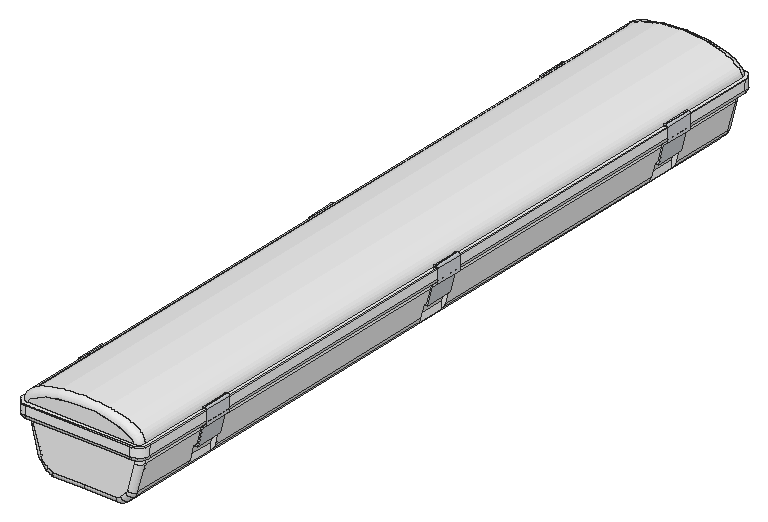
Revit family "0048817 Feilo Sylvania Lighting Fixture HYDROPROOF LED G3 600MM S 4K QC D", category Lighting Fixtures, host Face, Revit 2016
Family settings
  Host = Face
  Part Type = Normal
  Round Connector Dimension = Use Diameter
  OmniClass Number = 23.80.70.11.14
  OmniClass Title = General Luminaries, Directional
  Cut with Voids When Loaded = No
  Light Source = Yes
  Shared = No
  Room Calculation Point = No
Parameters (values of type "0048817 HYDROPROOF LED G3 600MM S 4K QC D")
  Width = 110 mm
  Weight = "1.12 kg"
  Wattage Comments = "n/a"
  Wattage = 14 W
  WarrantyStartDate [instance] = "n/a"
  WarrantyGuarantorParts = "n/a"
  WarrantyDurationUnit = "n/a"
  WarrantyDurationParts = "n/a"
  WarrantyDescription = "n/a"
  built-in parameter 1150110 = 1 (stored number, unit not read)
  Voltage = 230 V
  URL = "http://www.sylvania-lighting.com"
  TypeName = "HYDROPROOF LED G3 600MM S 4K QC D"
  Type Image = <None>
  Type Comments = "n/a"
  built-in parameter 1114217 = 1 (stored number, unit not read)
  Tilt Angle = -90.00°
  built-in parameter 1150109 = 1 (stored number, unit not read)
  built-in parameter 1150134 = 12
  built-in parameter 1150113 = 1 (stored number, unit not read)
  SerialNumber [instance] = "n/a"
  ReflectorMaterial = none
  PowerFactor = 0
  PowerConsumption = "14 W"
  Photometric Web File = "0048817.ies"
  NominalWidth = 0 mm
  NominalLength = 665 mm
  NominalHeight = 78 mm
  Name = "HYDROPROOF LED G3 600MM S 4K QC D"
  ModelReference = "HYDROPROOF LED G3 600MM S 4K QC D"
  ModelNumber = "0048817"
  Model = "HYDROPROOF LED G3 600MM S 4K QC D"
  Material = "grp housing, pmma diffuser"
  ManufacturerName = "Feilo Sylvania"
  Manufacturer = "Feilo Sylvania"
  LuminousEfficacy = "135 lm/W"
  built-in parameter 1150105 = 150.4 (stored number, unit not read)
  Lumens = 1890 lm
  LuminaireType = ""
  built-in parameter 1150115 = 1 (stored number, unit not read)
  LightOutputRatio = "n/a"
  built-in parameter 1150137 = (empty or 0)
  built-in parameter 1150139 = (empty or 0)
  Length = 665 mm
  LampsType = Lamp  # "LED"
  LampNominalLuminous = "1900 lm"
  LampMacAdamStep = "3"
  LampColourTemperature = "4000 K"
  LampColourRenderingIndex = "80"
  built-in parameter 1150112 = 1 (stored number, unit not read)
  built-in parameter 1150114 = 1 (stored number, unit not read)
  Lamp = "LED"
  Keynote = "16500"
  InstallationDate [instance] = "n/a"
  InputVoltage = "220-240V~"
  InputNominalFrequency = "DC/50/60 Hz"
  built-in parameter 1150132 = (empty or 0)
  built-in parameter 1150102 = (empty or 0)
  built-in parameter 1150107 = 4000 (stored number, unit not read)
  built-in parameter 1150138 = (empty or 0)
  IngressProtection = "IP65"
  ImpactProtectionIndex = "IK02"
  built-in parameter 1150106 = 1.504 (stored number, unit not read)
  IfcExportType = "IfcLightFixtureType"
  IfcExportAs = "IfcLightFixtureType"
  ExpectedLife = 50000
  Emit from Rectangle Width = Width - 20 mm  # 90 mm
  Emit from Rectangle Length = Length - 20 mm  # 645 mm
  Emit Shape Visible in Rendering = no
  ElectricShockClassification = "Class I"
  built-in parameter 1150104 = 12.542 (stored number, unit not read)
  DurationUnit = "hours"
  DocumentationLiterature = "http://www.sylvania-lighting.com/product/en-int/products/0048817"
  DimmingControlOptions = "Dimmable"
  Dimming Lamp Color Temperature Shift = <None>
  DiffuserMaterial = Diffuser-Sylvania-Transparent
  Description = "Hydroproof, integrated LED chemical resistant weatherproof luminaire with quick connector, with UV stabilized flat diffuser and linear prisms designed to achieve uniform lit appearance, optimise light output and to reduce glare, stainless steel diffuser clips and fixing brackets for surface and wall mounting. L 665 mm x W 110 mm x H 78 mm size, GRP housing, PMMA diffuser, DALI dimmable, 4000K, CRI80,  1900 lm, 14 W, 135 lm/W, nominal average life (h):50000, energy class: A++ A+ A Class I,IK02, IP65."
  Default Elevation = 1219.2 mm
  CreatedOn = "3/27/2018"
  CreatedBy = "aron.fodor@feilosylvania.com"
  Cost = 0
  Color Filter = 16777215
  built-in parameter 1114216 [instance] = (empty or 0)
  ClassificationValue = "EF_70_80"
  ClassificationName = "Uniclass2015"
  BracketOffset_FEILO = 360 mm
  BodyMaterial = Body-Sylvania-Gray
  BarCode [instance] = "n/a"
  built-in parameter 1114218 = 1 (stored number, unit not read)
  built-in parameter 1150133 = 10 (stored number, unit not read)
  AssetType = "Fixed"
  AssetIdentifier [instance] = "n/a"
  Assembly Code = "D5020200"
  Apparent Load = 14 VA
  AccessoryMaterial = Diffuser-Sylvania-Glow
Reference planes
  plane 1 "Center (Front/Back)": y = 0
  plane 2: z = 0
  plane 3 "Center (Left/Right)": x = 0
  plane 4: z = 54
  plane 5: x = -27.7
  plane 6: x = -34.8
  plane 7: x = -39.6
  plane 8: x = -42.2
  plane 9: z = 3
  plane 10: z = 7.8
  plane 11: z = 12.3
  plane 12: z = 36.6
  plane 13: z = 42.8
  plane 14: x = -51.1
  plane 15: z = 46.2
  plane 16: x = -55
  plane 17: y = 332.5
  plane 18: y = -332.5
  plane 19: x = 27.7
  plane 20: x = 34.8
  plane 21: x = 39.6
  plane 22: x = 42.2
  plane 23: x = 51.1
  plane 24: x = 55
  plane 25: y = 324.9
  plane 26: y = -324.9
  plane 27: y = -321.2
  plane 28: y = 321.2
  plane 29: z = 74
  plane 30: x = -51.5
  plane 31: x = 51.5
  plane 32: z = 55.2
  plane 33: y = -329
  plane 34: y = 329
  plane 35: x = -37.5
  plane 36: x = 37.5
  plane 37: x = -48.7
  plane 38: x = 48.7
  plane 39: z = 50.2
  plane 40: z = 24.6
  plane 41: y = 720
  plane 42: y = 706
  plane 43: y = 734
  plane 44: y = 250
  plane 45: y = 236
  plane 46: y = 264
  plane 47: y = 0
  plane 48: y = -14
  plane 49: y = 14
  plane 50: y = -250
  plane 51: y = -264
  plane 52: y = -236
Forms (mm)
  Sweep 1, solid, material "Body-Sylvania-Gray" <- "BodyMaterial", detail levels medium+fine
    path origin (1223.4, -4572, 54) x (0, -1, 0) y (1, 0, 0)
      loop
        arc (-4249.5, -1278.4) -> (-4242.429, -1275.471) -> (-4239.5, -1268.4) r 10
        line (-4239.5, -1268.4) -> (-4239.5, -1178.4)
        arc (-4239.5, -1178.4) -> (-4242.429, -1171.329) -> (-4249.5, -1168.4) r 10
        line (-4249.5, -1168.4) -> (-4894.5, -1168.4)
        arc (-4894.5, -1168.4) -> (-4901.571, -1171.329) -> (-4904.5, -1178.4) r 10
        line (-4904.5, -1178.4) -> (-4904.5, -1268.4)
        arc (-4904.5, -1268.4) -> (-4901.571, -1275.471) -> (-4894.5, -1278.4) r 10
        line (-4894.5, -1278.4) -> (-4249.5, -1278.4)
    profile origin (-55, 0, 54) x (-1, 0, 0) y (0, 0, 1)
      loop
        line (0, 0) -> (-1, 0) -> (-1, -7.726)
        arc (-1, -7.726) -> (-1.994, -9.498) -> (-3.9, -10.2) r 2.937
        line (-3.9, -10.2) -> (-8.571, -10.2) -> (-8.571, -11.2) -> (-3.9, -11.2)
        arc (-3.9, -11.2) -> (-1.313, -10.231) -> (0, -7.8) r 3.937
        line (0, -7.8) -> (0, 0)
  Sweep 2, solid, material "Body-Sylvania-Gray" <- "BodyMaterial", detail levels medium+fine
    path origin (0, 0, 0) x (1, 0, 0) y (0, 0, 1)
      loop
        line (48.7, 42.8) -> (48.7, 36.6) -> (42.203, 12.31)
        arc (42.203, 12.31) -> (41.199, 9.884) -> (39.6, 7.8) r 10.052
        line (39.6, 7.8) -> (34.8, 3)
        arc (34.8, 3) -> (31.554, 0.781) -> (27.7, 0) r 9.902
        line (27.7, 0) -> (0, 0) -> (-27.7, 0)
        arc (-27.7, 0) -> (-31.554, 0.781) -> (-34.8, 3) r 9.902
        line (-34.8, 3) -> (-39.6, 7.8)
        arc (-39.6, 7.8) -> (-41.199, 9.884) -> (-42.203, 12.31) r 10.052
        line (-42.203, 12.31) -> (-48.7, 36.6) -> (-48.7, 42.8)
    profile origin (0, 0, 0) x (0, 0, -1) y (0, -1, 0)
      loop
        arc (0, 319.9) -> (-1.464, 323.436) -> (-5, 324.9) r 5
        line (-5, 324.9) -> (-7.8, 324.9) -> (-7.8, -324.9) -> (-5, -324.9)
        arc (-5, -324.9) -> (-1.464, -323.436) -> (0, -319.9) r 5
        line (0, -319.9) -> (0, 319.9)
  Extrusion 3, solid, material "Body-Sylvania-Gray" <- "BodyMaterial", detail levels medium+fine
    sketch origin (1524, 324.9, 1219.2) x (1, 0, 0) y (0, 0, 1)
      loop
        arc (-1558.668, -1204.874) -> (-1558.443, -1205.418) -> (-1558.085, -1205.885) r 2.252
        line (-1558.085, -1205.885) -> (-1553.231, -1210.738)
        arc (-1553.231, -1210.738) -> (-1552.534, -1211.227) -> (-1551.7, -1211.4) r 2.102
        line (-1551.7, -1211.4) -> (-1496.3, -1211.4)
        arc (-1496.3, -1211.4) -> (-1495.466, -1211.227) -> (-1494.769, -1210.738) r 2.102
        line (-1494.769, -1210.738) -> (-1489.915, -1205.885)
        arc (-1489.915, -1205.885) -> (-1489.557, -1205.418) -> (-1489.332, -1204.874) r 2.252
        line (-1489.332, -1204.874) -> (-1483.1, -1181.575) -> (-1483.1, -1176.4) -> (-1564.9, -1176.4) -> (-1564.9, -1181.575) -> (-1558.668, -1204.874)
    from 0 to 649.8
  Sweep 4, solid, material "Diffuser-Sylvania-Transparent" <- "DiffuserMaterial", detail levels medium+fine
    path origin (0, 0, 0) x (1, 0, 0) y (0, 0, 1)
      loop
        spline (-51.5, 55.2) -> (-49.745, 60.066) -> (-44.6, 64.6) -> (-36.416, 68.494) -> (-25.75, 71.481) -> (-13.329, 73.359) -> (0, 74) -> (13.329, 73.359) -> (25.75, 71.481) -> (36.416, 68.494) -> (44.6, 64.6) -> (49.745, 60.066) -> (51.5, 55.2)
    profile origin (51.5, 0, 55.2) x (0, -1, 0) y (1, 0, 0)
      loop
        arc (329, -5.5) -> (327.389, -1.611) -> (323.5, 0) r 5.5
        line (323.5, 0) -> (-323.5, 0)
        arc (-323.5, 0) -> (-327.389, -1.611) -> (-329, -5.5) r 5.5
        line (-329, -5.5) -> (-329, -6.3) -> (-328, -6.3) -> (-328, -5.5)
        arc (-328, -5.5) -> (-326.682, -2.318) -> (-323.5, -1) r 4.5
        line (-323.5, -1) -> (323.5, -1)
        arc (323.5, -1) -> (326.682, -2.318) -> (328, -5.5) r 4.5
        line (328, -5.5) -> (328, -6.347) -> (329, -6.347) -> (329, -5.5)
  Extrusion 5, solid, material "Diffuser-Sylvania-Transparent" <- "DiffuserMaterial", detail levels medium+fine
    sketch origin (1524, -329, 1219.2) x (1, 0, 0) y (0, 0, 1)
      loop
        line (-1569.653, -1164) -> (-1478.347, -1164)
        spline (-1478.347, -1164) -> (-1478.969, -1162.594) -> (-1482.527, -1159.545) -> (-1489.588, -1156.201) -> (-1499.458, -1153.445) -> (-1511.242, -1151.663) -> (-1524, -1151.049) -> (-1536.758, -1151.663) -> (-1548.542, -1153.445) -> (-1558.412, -1156.201) -> (-1565.473, -1159.545) -> (-1569.031, -1162.594) -> (-1569.653, -1164)
    from 0 to -1
  Extrusion 6, solid, material "Diffuser-Sylvania-Transparent" <- "DiffuserMaterial", detail levels medium+fine
    sketch origin (1524, 329, 1219.2) x (1, 0, 0) y (0, 0, 1)
      loop
        spline (-1478.3, -1164) -> (-1478.931, -1162.565) -> (-1482.502, -1159.505) -> (-1489.572, -1156.155) -> (-1499.446, -1153.394) -> (-1511.236, -1151.614) -> (-1524, -1151.007) -> (-1536.764, -1151.614) -> (-1548.554, -1153.394) -> (-1558.428, -1156.155) -> (-1565.498, -1159.505) -> (-1569.069, -1162.565) -> (-1569.7, -1164)
        line (-1569.7, -1164) -> (-1478.3, -1164)
    from 0 to 1
  Extrusion 7, solid, material "Diffuser-Sylvania-Transparent" <- "DiffuserMaterial", detail levels medium+fine
    sketch origin (1223.4, -4572, 55.2) x (0, -1, 0) y (-1, 0, 0)
      loop
        arc (-4900, 1177.4) -> (-4898.682, 1174.218) -> (-4895.5, 1172.9) r 4.5
        line (-4895.5, 1172.9) -> (-4248.5, 1172.9)
        arc (-4248.5, 1172.9) -> (-4245.318, 1174.218) -> (-4244, 1177.4) r 4.5
        line (-4244, 1177.4) -> (-4244, 1269.4)
        arc (-4244, 1269.4) -> (-4245.318, 1272.582) -> (-4248.5, 1273.9) r 4.5
        line (-4248.5, 1273.9) -> (-4895.5, 1273.9)
        arc (-4895.5, 1273.9) -> (-4898.682, 1272.582) -> (-4900, 1269.4) r 4.5
        line (-4900, 1269.4) -> (-4900, 1177.4)
      loop
        line (-4904.5, 1268.4) -> (-4904.5, 1178.4)
        arc (-4904.5, 1178.4) -> (-4901.571, 1171.329) -> (-4894.5, 1168.4) r 10
        line (-4894.5, 1168.4) -> (-4249.5, 1168.4)
        arc (-4249.5, 1168.4) -> (-4242.429, 1171.329) -> (-4239.5, 1178.4) r 10
        line (-4239.5, 1178.4) -> (-4239.5, 1268.4)
        arc (-4239.5, 1268.4) -> (-4242.429, 1275.471) -> (-4249.5, 1278.4) r 10
        line (-4249.5, 1278.4) -> (-4894.5, 1278.4)
        arc (-4894.5, 1278.4) -> (-4901.571, 1275.471) -> (-4904.5, 1268.4) r 10
    from 0 to 1.2
  Extrusion 8, solid, material "Diffuser-Sylvania-Glow" <- "AccessoryMaterial", detail levels fine
    sketch origin (0, 0, 0) x (1, 0, 0) y (0, 0, 1)
      loop
        circle (0, 50.2) r 8
    from -321.2 to 321.2
  Extrusion 9, solid, material "Body-Sylvania-Gray" <- "BodyMaterial", detail levels coarse
    sketch origin (0, 0, 0) x (1, 0, 0) y (0, 0, 1)
      loop
        line (55, 42.8) -> (55, 55.2) -> (-55, 55.2) -> (-55, 42.791) -> (-42.2, 0) -> (42.2, 0) -> (55, 42.8)
    from -332.5 to 332.5
  Extrusion 10, solid, material "Diffuser-Sylvania-Transparent" <- "DiffuserMaterial", detail levels coarse
    sketch origin (0, 0, 0) x (1, 0, 0) y (0, 0, 1)
      loop
        arc (51.5, 55.2) -> (0, 74) -> (-51.5, 55.2) r 79.939
        line (-51.5, 55.2) -> (51.5, 55.2)
    from 324.9 to -324.9
  Extrusion 11, void, not visible
    sketch origin (0, 720, 2343.807) x (0, 0, -1) y (-1, 0, 0)
      loop
        line (2340.807, -37.5) -> (2331.507, -37.5) -> (2319.207, -42.2) -> (2319.207, -48.7) -> (2340.807, -48.7) -> (2340.807, -37.5)
      loop
        line (2340.807, 37.5) -> (2340.807, 48.7) -> (2319.207, 48.7) -> (2319.207, 42.2) -> (2331.507, 37.5) -> (2340.807, 37.5)
    from -14 to 14
  Extrusion 12, void
    sketch origin (0, 250, 2343.807) x (0, 0, -1) y (-1, 0, 0)
      loop
        line (2340.807, -37.5) -> (2331.507, -37.5) -> (2319.207, -42.2) -> (2319.207, -48.7) -> (2340.807, -48.7) -> (2340.807, -37.5)
      loop
        line (2340.807, 37.5) -> (2340.807, 48.7) -> (2319.207, 48.7) -> (2319.207, 42.2) -> (2331.507, 37.5) -> (2340.807, 37.5)
    from -14 to 14
  Extrusion 13, void
    sketch origin (0, 0, 2343.807) x (0, 0, -1) y (-1, 0, 0)
      loop
        line (2340.807, -37.5) -> (2331.507, -37.5) -> (2319.207, -42.2) -> (2319.207, -48.7) -> (2340.807, -48.7) -> (2340.807, -37.5)
      loop
        line (2340.807, 37.5) -> (2340.807, 48.7) -> (2319.207, 48.7) -> (2319.207, 42.2) -> (2331.507, 37.5) -> (2340.807, 37.5)
    from -14 to 14
  Extrusion 14, void
    sketch origin (0, -250, 2343.807) x (0, 0, -1) y (-1, 0, 0)
      loop
        line (2340.807, -37.5) -> (2331.507, -37.5) -> (2319.207, -42.2) -> (2319.207, -48.7) -> (2340.807, -48.7) -> (2340.807, -37.5)
      loop
        line (2340.807, 37.5) -> (2340.807, 48.7) -> (2319.207, 48.7) -> (2319.207, 42.2) -> (2331.507, 37.5) -> (2340.807, 37.5)
    from -14 to 14
Cuts and joins
  Extrusion 12, Extrusion 13, Extrusion 14 cuts Sweep 2
  Extrusion 12, Extrusion 13, Extrusion 14 cuts Extrusion 3
  joined: Sweep 2, Extrusion 3
  joined: Sweep 4, Extrusion 5, Extrusion 6
Dimensions and locks
  locked: plane 4 to plane 2 at 54
  plane 5 to plane 6 to plane 7 to plane 8 to plane 14 to plane 16 = 7.1 mm locked, 4.8 mm locked, 2.6 mm locked, 8.9 mm, 3.9 mm
  plane 4 to plane 15 to plane 13 to plane 12 to plane 11 to plane 10 to plane 9 = 7.8 mm locked, 3.4 mm, 6.2 mm locked, 24.3 mm locked, 4.5 mm locked, 4.8 mm locked
  equal spacing: plane 18, plane 1 "Center (Front/Back)", plane 17
  "Length": plane 18 to plane 17
  plane 19 to plane 20 to plane 21 to plane 22 to plane 23 to plane 24 = 7.1 mm locked, 4.8 mm locked, 2.6 mm locked, 8.9 mm, 3.9 mm
  equal spacing: plane 24, plane 3 "Center (Left/Right)", plane 16
  "Width": plane 24 to plane 16
  equal spacing: plane 27, plane 1 "Center (Front/Back)", plane 28
  locked: plane 26 to plane 27 at 3.7
  locked: Sweep 1 sketch curve to profile plane at 1
  locked: Sweep 1 sketch curve to plane 13 at 1
  locked: Sweep 1 sketch curve to plane 13 at 3.937  (x2)
  locked: Sweep 1 sketch curve to profile plane at 3.9  (x2)
  locked: plane 29 to plane 4 at 20
  equal spacing: plane 31, plane 3 "Center (Left/Right)", plane 30
  locked: plane 30 to plane 16 at 3.5
  locked: plane 32 to plane 4 at 1.2
  equal spacing: plane 33, plane 1 "Center (Front/Back)", plane 34
  equal spacing: plane 36, plane 3 "Center (Left/Right)", plane 35
  locked: plane 3 "Center (Left/Right)" to plane 35 at 37.5
  locked: plane 34 to plane 17 at 3.5
  equal spacing: plane 38, plane 3 "Center (Left/Right)", plane 37
  locked: plane 37 to plane 16 at 6.3
  equal spacing: plane 25, plane 1 "Center (Front/Back)", plane 26
  locked: plane 17 to plane 25 at 7.6
  locked: Sweep 2 sketch curve to plane 2 at 5  (x2)
  locked: Sweep 2 sketch curve to plane 26 at 5
  locked: plane 25 to Sweep 2 sketch curve at 5
  locked: Sweep 4 sketch curve to plane 31 at 5.5  (x2)
  locked: Sweep 4 sketch curve to plane 34 at 5.5
  plane 33 to Sweep 4 sketch curve = 5.5 mm
  locked: plane 34 to Sweep 4 sketch curve at 1
  locked: Sweep 4 sketch curve to plane 31 at 1
  locked: Sweep 4 sketch curve to Sweep 4 sketch curve at 1
  locked: Sweep 4 sketch curve to plane 31 at 6.347
  locked: Sweep 4 sketch curve to plane 31 at 6.3
  locked: plane 40 to plane 2 at 24.6
  plane 43 to plane 41 to plane 42 = 14 mm locked, 14 mm locked
  plane 46 to plane 44 to plane 45 = 14 mm locked, 14 mm locked
  plane 49 to plane 47 to plane 48 = 14 mm locked, 14 mm locked
  plane 52 to plane 50 to plane 51 = 14 mm locked, 14 mm locked
  equal spacing: plane 44, plane 1 "Center (Front/Back)", plane 50
  locked: plane 44 to plane 1 "Center (Front/Back)" at 250
  aligned and locked: plane 2 to host face
  aligned and locked: level to host face
  aligned and locked: plane 16 to Sweep 1 sketch curve
  aligned and locked: Sweep 1 sketch curve to plane 24
  aligned and locked: plane 18 to Sweep 1 sketch curve
  aligned and locked: Sweep 1 sketch curve to plane 13
  aligned and locked: profile plane to Sweep 1 sketch curve
  aligned and locked: plane 3 "Center (Left/Right)" to Sweep 2 sketch curve
  aligned and locked: plane 9 to Sweep 2 sketch curve
  aligned and locked: plane 10 to Sweep 2 sketch curve
  aligned and locked: plane 37 to Sweep 2 sketch curve
  aligned and locked: plane 12 to Sweep 2 sketch curve
  aligned and locked: Sweep 2 sketch curve to level
  aligned and locked: plane 21 to Sweep 2 sketch curve
  aligned and locked: plane 38 to Sweep 2 sketch curve
  aligned and locked: profile plane to Sweep 2 sketch curve
  aligned and locked: plane 25 to Sweep 2 sketch curve
  aligned and locked: Sweep 2 sketch curve to plane 10
  aligned and locked: Extrusion 3 sketch curve to Sweep 2  (x7)
  aligned and locked: Sweep 2 to Extrusion 3 sketch curve
  aligned and locked: Extrusion 3 to plane 25
  aligned and locked: plane 26 to Extrusion 3
  aligned and locked: plane 32 to Sweep 4 sketch curve
  aligned and locked: plane 33 to Sweep 4 sketch curve
  aligned and locked: Sweep 4 to Extrusion 5
  aligned and locked: plane 33 to Extrusion 5
  aligned and locked: Extrusion 5 sketch curve to Sweep 4
  aligned and locked: cut or joined group of Sweep 4, Extrusion 5, Extrusion 6 to Extrusion 6 sketch curve
  aligned and locked: Extrusion 7 sketch curve to cut or joined group of Sweep 4, Extrusion 5, Extrusion 6  (x2)
  aligned and locked: cut or joined group of Sweep 4, Extrusion 5, Extrusion 6 to Extrusion 7 sketch curve  (x2)
  aligned and locked: plane 39 to Extrusion 8 sketch curve
  aligned and locked: plane 27 to Extrusion 8
  aligned and locked: Extrusion 8 to plane 28
  aligned and locked: Extrusion 7 sketch curve to Sweep 1  (x4)
  aligned and locked: plane 4 to Extrusion 7
  aligned and locked: Extrusion 7 to plane 32
  aligned and locked: Extrusion 9 sketch curve to plane 24
  aligned and locked: Extrusion 9 sketch curve to Extrusion 7
  aligned and locked: plane 8 to Extrusion 9 sketch curve
  aligned and locked: plane 22 to Extrusion 9 sketch curve
  aligned and locked: level to Extrusion 9 sketch curve
  aligned and locked: Extrusion 9 to plane 17
  aligned and locked: plane 18 to Extrusion 9
  aligned and locked: cut or joined group of Sweep 4, Extrusion 5, Extrusion 6 to Extrusion 10 sketch curve
  aligned and locked: Extrusion 10 sketch curve to cut or joined group of Sweep 4, Extrusion 5, Extrusion 6  (x2)
  aligned and locked: plane 31 to Extrusion 10 sketch curve
  aligned and locked: plane 30 to Extrusion 10 sketch curve
  aligned and locked: plane 26 to Extrusion 10
  aligned and locked: Extrusion 10 to plane 25
  aligned and locked: imposter light to plane 29
  aligned and locked: plane 3 "Center (Left/Right)" to imposter light
  aligned and locked: plane 1 "Center (Front/Back)" to imposter light
  aligned and locked: plane 45 to Extrusion 12
  aligned and locked: Extrusion 12 to plane 46
  aligned and locked: plane 48 to Extrusion 13
  aligned and locked: Extrusion 13 to plane 49
  aligned and locked: plane 51 to Extrusion 14
  aligned and locked: Extrusion 14 to plane 52
  aligned and locked: nested 1 to plane 44
  aligned and locked: plane 44 to nested 6
  aligned and locked: nested 2 to plane 47
  aligned and locked: plane 47 to nested 5
  aligned and locked: nested 3 to plane 50
  aligned and locked: plane 50 to nested 4
  aligned and locked: plane 47 to plane 1 "Center (Front/Back)"
  aligned and locked: plane 3 "Center (Left/Right)" to Extrusion 8 sketch curve
Automatic sketch dimensions
  host sketch curve to host sketch curve = 2438.4 mm  (x2)
  plane 17 to Sweep 1 sketch curve = 0 mm
  Sweep 1 sketch curve to plane 28 = 1.3 mm
  Sweep 1 sketch curve to plane 7 = 5.4 mm
  plane 27 to Sweep 1 sketch curve = 1.3 mm  (x2)
  Sweep 1 sketch curve to Sweep 1 sketch curve = 4.671 mm
  Sweep 1 sketch curve to plane 4 = 0 mm
  Sweep 2 sketch curve to plane 7 = 0 mm
  Sweep 2 sketch curve to plane 6 = 0 mm
  Sweep 2 sketch curve to plane 5 = 0 mm
  plane 19 to Sweep 2 sketch curve = 0 mm
  Sweep 2 sketch curve to plane 9 = 0 mm
  plane 20 to Sweep 2 sketch curve = 0 mm
  Sweep 2 sketch curve to plane 12 = 0 mm
  Sweep 2 sketch curve to plane 10 = 0 mm
  Sweep 2 sketch curve to plane 13 = 0 mm  (x2)
  Sweep 2 sketch curve to plane 8 = 0.003 mm
  plane 6 to Sweep 2 sketch curve = 2.308 mm
  plane 20 to Sweep 2 sketch curve = 2.308 mm
  Sweep 2 sketch curve to plane 22 = 0.003 mm
  Sweep 2 sketch curve to plane 11 = 0.01 mm  (x2)
  Extrusion 3 sketch curve to plane 5 = 0 mm
  plane 19 to Extrusion 3 sketch curve = 0 mm
  plane 6 to Extrusion 3 sketch curve = 0.132 mm
  plane 6 to Extrusion 3 sketch curve = 0.715 mm
  Extrusion 3 sketch curve to Extrusion 3 sketch curve = 1.592 mm
  Extrusion 3 sketch curve to plane 10 = 0.662 mm  (x2)
  plane 20 to Extrusion 3 sketch curve = 2.308 mm
  plane 20 to Extrusion 3 sketch curve = 0.715 mm
  plane 20 to Extrusion 3 sketch curve = 0.132 mm
  Sweep 4 sketch curve to plane 30 = 0 mm
  Sweep 4 sketch curve to plane 3 "Center (Left/Right)" = 0 mm
  Sweep 4 sketch curve to Sweep 4 sketch curve = 0 mm  (x2)
  plane 37 to Extrusion 5 sketch curve = 3.047 mm
  Extrusion 5 sketch curve to plane 38 = 3.047 mm
  plane 37 to Extrusion 6 sketch curve = 3 mm
  Extrusion 6 sketch curve to plane 38 = 3 mm
  plane 25 to Extrusion 7 sketch curve = 1.4 mm  (x2)
  Extrusion 7 sketch curve to plane 26 = 1.4 mm  (x2)
  Extrusion 9 sketch curve to plane 13 = 0 mm
  plane 13 to Extrusion 9 sketch curve = 0.009 mm
  Extrusion 10 sketch curve to level = 5.939 mm
  Extrusion 9 sketch curve to plane 16 = 0 mm
  Extrusion 11 sketch curve to Extrusion 11 sketch curve = 0 mm
  Extrusion 11 sketch curve to Extrusion 11 sketch curve = 12.3 mm  (x2)
  Extrusion 11 sketch curve to Extrusion 11 sketch curve = 9.3 mm  (x2)
  Extrusion 11 sketch curve to Extrusion 11 sketch curve = 6.5 mm
  Extrusion 11 sketch curve to Extrusion 11 sketch curve = 4.7 mm  (x2)
  Extrusion 11 sketch curve to Extrusion 11 sketch curve = 75 mm
  Extrusion 11 sketch curve to Extrusion 11 sketch curve = 11.2 mm
  Extrusion 12 sketch curve to Extrusion 12 sketch curve = 0 mm
  Extrusion 12 sketch curve to Extrusion 12 sketch curve = 12.3 mm  (x2)
  Extrusion 12 sketch curve to Extrusion 12 sketch curve = 9.3 mm  (x2)
  Extrusion 12 sketch curve to Extrusion 12 sketch curve = 6.5 mm
  Extrusion 12 sketch curve to Extrusion 12 sketch curve = 4.7 mm  (x2)
  Extrusion 12 sketch curve to Extrusion 12 sketch curve = 75 mm
  Extrusion 12 sketch curve to Extrusion 12 sketch curve = 11.2 mm
  Extrusion 13 sketch curve to Extrusion 13 sketch curve = 0 mm
  Extrusion 13 sketch curve to Extrusion 13 sketch curve = 12.3 mm  (x2)
  Extrusion 13 sketch curve to Extrusion 13 sketch curve = 9.3 mm  (x2)
  Extrusion 13 sketch curve to Extrusion 13 sketch curve = 6.5 mm
  Extrusion 13 sketch curve to Extrusion 13 sketch curve = 4.7 mm  (x2)
  Extrusion 13 sketch curve to Extrusion 13 sketch curve = 75 mm
  Extrusion 13 sketch curve to Extrusion 13 sketch curve = 11.2 mm
  Extrusion 14 sketch curve to Extrusion 14 sketch curve = 0 mm
  Extrusion 14 sketch curve to Extrusion 14 sketch curve = 12.3 mm  (x2)
  Extrusion 14 sketch curve to Extrusion 14 sketch curve = 9.3 mm  (x2)
  Extrusion 14 sketch curve to Extrusion 14 sketch curve = 6.5 mm
  Extrusion 14 sketch curve to Extrusion 14 sketch curve = 4.7 mm  (x2)
  Extrusion 14 sketch curve to Extrusion 14 sketch curve = 75 mm
  Extrusion 14 sketch curve to Extrusion 14 sketch curve = 11.2 mm
  radius of Extrusion 8 sketch curve = 8 mm
Nested families
  nested 1: "Clip" at (-42.2, 250, 24.6) x (-1, 0, 0) z (0, 0, 1), type "Clip", detail levels fine
  nested 2: "Clip" at (-42.2, 0, 24.6) x (-1, 0, 0) z (0, 0, 1), type "Clip", detail levels fine
  nested 3: "Clip" at (-42.2, -250, 24.6) x (-1, 0, 0) z (0, 0, 1), type "Clip", detail levels fine
  nested 4: "Clip" at (42.2, -250, 24.6), type "Clip", detail levels fine
  nested 5: "Clip" at (42.2, 0, 24.6), type "Clip", detail levels fine
  nested 6: "Clip" at (42.2, 250, 24.6), type "Clip", detail levels fine
Connectors
  electrical at (0, 0, 0), driven by "Apparent Load"
    settings: index 1, voltage 230 V, apparent load 14 VA, apparent load phase1 0 VA, apparent load phase2 0 VA, apparent load phase3 0 VA, power factor 0, load classification "Lighting", number of poles 1, system type 30, power factor state 1, is connector primary yes, connector utility no, sub classification motor no, connector description ""
Definition of nested family "Clip"
  Parameters (values of type "Clip")
    URL = "http://www.feilosylvania.com"
    Type Comments = "n/a"
    Model = "n/a"
    Manufacturer = "Feilo Sylvania"
    Keynote = "n/a"
    Description = "n/a"
    Default Elevation = 1219.2 mm
    Cost = 0
    BodyMaterial = none
    Assembly Code = "n/a"
  Reference planes
    plane 1 "Center (Front/Back)": y = 0
    plane 2: z = 0
    plane 3 "Center (Left/Right)": x = 0
    plane 4: x = 3.3
    plane 5: x = 6.5
    plane 6: x = 8.9
    plane 7: x = 12.8
    plane 8: z = 12
    plane 9: z = 18.2
    plane 10: z = 21.6
    plane 11: z = 30.6
    plane 12: x = 9.3
    plane 13: z = 19.2
    plane 14: z = 16.2
    plane 15: x = 10.1
    plane 16: y = 12
    plane 17: y = -12
  Forms (mm)
    Extrusion 1, solid
      sketch origin (-0.8, 0, 0) x (1, 0, 0) y (0, 1, 0)
        loop
          line (-1219.2, 1219.2) -> (-1219.2, -1219.2) -> (1219.2, -1219.2) -> (1219.2, 1219.2) -> (-1219.2, 1219.2)
      from 0 to -304.8
    Extrusion 2, solid
      sketch origin (0, 0, 0) x (1, 0, 0) y (0, 0, 1)
        loop
          line (8.9, 16.2) -> (4.58, 0) -> (0, 0) -> (0, -0.8) -> (5.195, -0.8) -> (9.603, 15.731) -> (13.6, 18.806) -> (13.6, 30.6)
          arc (13.6, 30.6) -> (11.45, 32.75) -> (9.3, 30.6) r 2.15
          line (9.3, 30.6) -> (10.1, 30.6)
          arc (10.1, 30.6) -> (11.45, 31.95) -> (12.8, 30.6) r 1.35
          line (12.8, 30.6) -> (12.8, 19.2) -> (8.9, 16.2)
      from -12 to 12
  Lines and regions (mm)
    reference lines
      curve 1: line (3.3, 0, 0) -> (6.5, 0, 12)
      curve 2: arc (8.9, 0, 18.2) -> (11.488, 0, 19.169) -> (12.8, 0, 21.6) r 3.934
  Dimensions and locks
    plane 7 to plane 6 to plane 5 to plane 4 to plane 3 "Center (Left/Right)" = 3.9 mm locked, 2.4 mm locked, 3.2 mm locked, 3.3 mm locked
    plane 11 to plane 10 to plane 9 to plane 8 to plane 2 = 9 mm locked, 3.4 mm locked, 6.2 mm locked, 12 mm locked
    locked: plane 7 to plane 12 at 3.5
    locked: plane 13 to plane 9 at 1
    locked: plane 9 to plane 14 at 2
    locked: plane 15 to plane 12 at 0.8
    locked: plane 2 to Extrusion 2 sketch curve at 0.8
    locked: Extrusion 2 sketch curve to Extrusion 2 sketch curve at 0.8  (x3)
    locked: plane 7 to Extrusion 2 sketch curve at 1.35
    equal spacing: plane 17, plane 1 "Center (Front/Back)", plane 16
    locked: plane 1 "Center (Front/Back)" to plane 16 at 12
    aligned and locked: plane 2 to Extrusion 1
    aligned and locked: level to Extrusion 1
    aligned and locked: plane 4 to curve 1
    aligned and locked: plane 5 to curve 1
    aligned and locked: plane 6 to curve 2
    aligned and locked: plane 10 to curve 2
    aligned and locked: plane 14 to Extrusion 2 sketch curve
    aligned and locked: plane 13 to Extrusion 2 sketch curve
    aligned and locked: plane 7 to Extrusion 2 sketch curve
    aligned and locked: plane 3 "Center (Left/Right)" to Extrusion 2 sketch curve
    aligned and locked: Extrusion 2 sketch curve to level
    aligned and locked: Extrusion 2 sketch curve to plane 11
    aligned and locked: plane 11 to Extrusion 2 sketch curve
    aligned and locked: Extrusion 2 to plane 16
    aligned and locked: plane 17 to Extrusion 2
  Automatic sketch dimensions
    Extrusion 1 sketch curve to Extrusion 1 sketch curve = 2438.4 mm  (x2)
    curve 2 to plane 7 = 0 mm
    curve 1 to level = 0 mm
    curve 1 to plane 8 = 0 mm
    curve 2 to plane 9 = 0 mm
    plane 6 to curve 2 = 0.002 mm
    Extrusion 2 sketch curve to Extrusion 2 sketch curve = 0 mm
    Extrusion 2 sketch curve to plane 6 = 0 mm
    plane 4 to Extrusion 2 sketch curve = 1.28 mm
